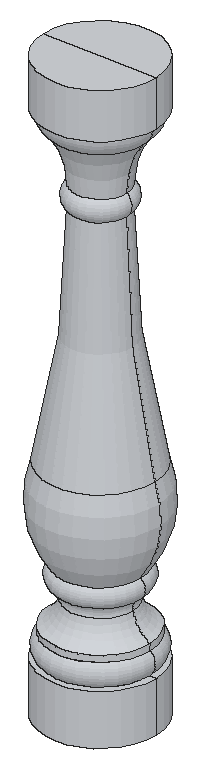
Revit family
Parameters (values of type "Balustrade G42")
  Width = 0' - 8"
  URL = "www.strombergarchitectural.com"
  Top Material = none
  Submittal Sheet = "www.strombergarchitectural.com/images/materials/gfrc/submittal/gfrc-submittal-sheet.pdf"
  Specifications = "www.strombergarchitectural.com/gfrcspecifications"
  Model Cut-sheet = "http://www.strombergarchitectural.com/products/balustrade/design/G42"
  Model = "Balustrade G42"
  Manufacturer = "Stromberg Architectural Products"
  Guidebook = "www.strombergarchitectural.com/images/materials/gfrc/handbooks/gfrc_guidebook.pdf   \r\n(http://www.strombergarchitectural.com/images/materials/gfrc/handbooks/gfrc_guidebook.pdf"
  Description = "GFRC Baluster"
  Assembly Code = ""
  Height = 3' - 6"
  XXX.5 = no
  XXX.4 = no
  XXX.3 = no
  XXX.2 = no
  XXX.1 = yes
Reference planes (in)
  plane 1 "Center (Front/Back)": y = 3.74847
  plane 2: z = 0
  plane 3 "Center (Left/Right)": x = 0.7278
  plane 4 "Front": y = -3.25153
  plane 5 "Back": y = 10.74847
  plane 6 "Left": x = -17.2722
  plane 7 "Right": x = 18.7278
Forms (in)
  Revolve 1, solid
    sketch origin (0, 3.74847, 0) x (1, 0, 0) y (0, 0, 1)
      loop
        line (0.7278, 42) -> (-3.2722, 42) -> (-3.2722, 38.75) -> (-3.0222, 38.75)
        arc (-3.0222, 38.75) -> (-2.84005, 37.95731) -> (-2.2722, 37.375) r 1.50575
        arc (-2.2722, 37.375) -> (-1.43886, 35.71206) -> (-1.1472, 33.875) r 6.0808
        arc (-1.1472, 33.875) -> (-1.5222, 33.125) -> (-1.1472, 32.375) r 0.9375
        arc (-1.1472, 32.375) -> (-1.59172, 24.18163) -> (-3.1472, 16.125) r 60.15043
        arc (-3.1472, 16.125) -> (-3.48626, 12.74591) -> (-2.1472, 9.625) r 6.79274
        arc (-2.1472, 9.625) -> (-2.4597, 8.96875) -> (-2.1472, 8.3125) r 0.84531
        arc (-2.1472, 8.3125) -> (-1.69335, 7.9416) -> (-1.59401, 7.36396) r 0.83712
        arc (-1.59401, 7.36396) -> (-2.00767, 6.37505) -> (-2.8347, 5.69307) r 2.23181
        line (-2.8347, 5.69307) -> (-2.8347, 5.25)
        arc (-2.8347, 5.25) -> (-3.17817, 4.42309) -> (-2.7722, 3.625) r 1.06901
        line (-2.7722, 3.625) -> (-3.2722, 3.625) -> (-3.2722, 0) -> (0.7278, 0) -> (0.7278, 42)
      axis (0.7278, 42) -> (0.7278, 0)
    angle from 0 to 360
Dimensions and locks (in)
  aligned and locked: level to plane 2
